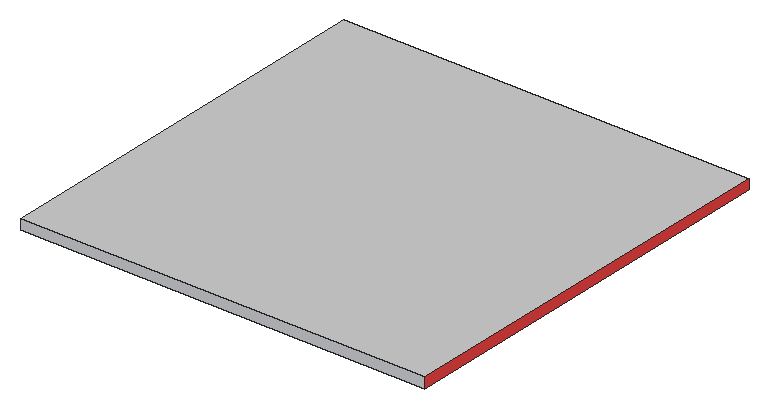
Revit family "GRIFO DE LAVABO KARIM DUE sin desagüe automatico", category Aparatos sanitarios, Revit 2015
Parameters (values of type "88945000")
  URL = "http://www.griferiasgalindo.com/lavabo/karim-due/grifo-de-lavabo-karim-due?c=es"
  Teléfono = "(+34) 915 782 575"
  TIPO DE AGUA = "Fria/Caliente"
  REFERENCIA = "88945000"
  Presión Máxima = "5 bar"
  PESO BRUTO = ""
  Modelo = "KARIM DUE"
  Material = LATON CROMADO
  Imagen de tipo = <Ninguno>
  Fabricante = "PRESTO IBÉRICA"
  Default Elevation = 1219.2 mm
  ENTRADA = "Con latiguillos flexibles de 3/8”"
  Descripción = "Grifo monomando de lavabo. Esta serie de diseño tubular con cuerpo consistente y ergonomía funcional, proporciona una mezcla de estética sencilla y funcionalidad apta para todo tipo de usuarios y ambientes de baño. KARIM aporta el sistema de ahorro de agua Flowing Ecosystem con sistema de doble posición de maneta que permite ahorrar hasta un 50 % de agua. Estético, moderno, funcional y ecológico, así es KARIM DUE."
  Código de montaje = "C1030220"
  Contacto = "info@prestoiberica.com"
  Conexión AF = yes
  Conexión AC = yes
  Comentarios de tipo = "◦Grifo monomando de lavabo alto ecológico\r\n◦Acabado Cromo\r\n◦Disponible: sin o con Desagüe automático\r\n◦Cartucho con discos cerámicos de diámetro 40 mm\r\n◦Tubos de alimentación flexibles 3/8\" y longitud 65 cm"
  CIERRE = ""
  CAUDAL = "8,5 l/min a 3 bar"
  Accionamiento = "Por maneta"
Reference planes
  plane 1 "Centro (Frontal/Posterior)": y = 0
  plane 2: z = 0
  plane 3 "Centro (Izquierda/Derecha)": x = 0
Forms (mm)
  Extrusion 1, solid
    sketch origin (0, 0, 0) x (1, 0, 0) y (0, 1, 0)
      loop
        line (-100, 100) -> (-100, -100) -> (100, -100) -> (100, 100) -> (-100, 100)
    from 0 to -5
Dimensions and locks
  Extrusion 1 sketch curve to plane 1 "Centro (Frontal/Posterior)" = 100 mm
  aligned and locked: plane 2 to Extrusion 1
  aligned and locked: level to Extrusion 1
Connectors
  piping at (0, 0, 0), diameter 9.5
    settings: on import instance, index 1, connector inside diameter 609.6 mm, connector length 0 mm, flow factor 0, pipe flow 0.0 L/s, pressure drop 0.0 Pa, fitting loss kfactor 0, connector angle 0.00°, fixture units 0, engagement length 0 mm, angle of deflection 0.00°, flow configuration 0, flow direction 1, fitting loss method 0, system type 7, joint type 0, gender type 0, connector reference index -1, connector utility 0, adjustable connector no, is connector primary yes, connector description ""
